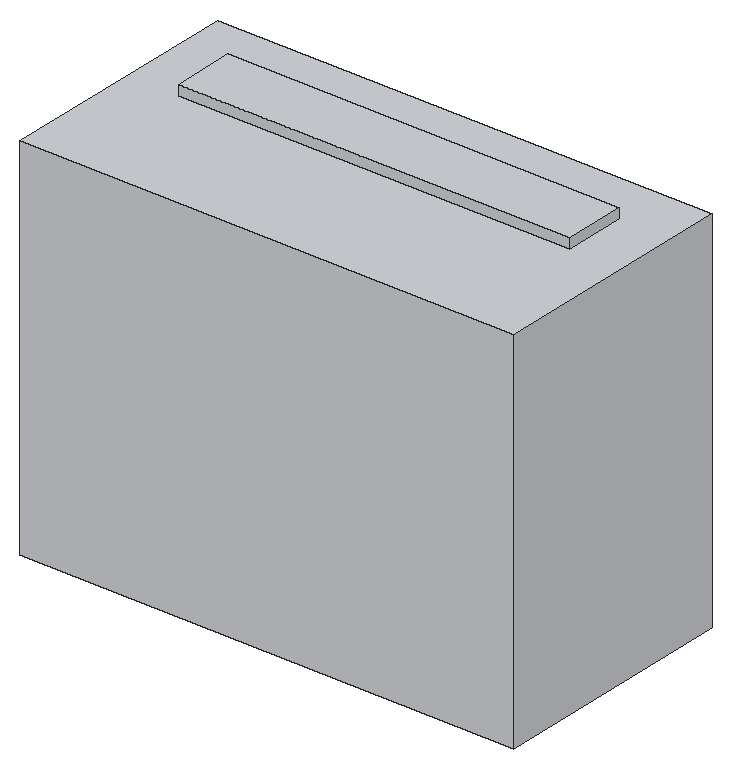
Revit family "dc2a1c9dcc944162b176a21bce0572ec", category Air Terminals, host Face, Revit 2021
Family settings
  Host = Face
  Round Connector Dimension = Use Diameter
  Part Type = Normal
  OmniClass Number = 23.40.40.14.21.11
  OmniClass Title = Food Service Hoods
  Seek Item ID = Grease Hood - Front Discharge - Compensating - Wall-0000-USA-ENU
  Cut with Voids When Loaded = No
  Shared = No
  Room Calculation Point = No
Parameters (values of type "Standard")
  Voltage = 120 V
  Supply Pressure Drop [instance] = 0.25 in-wg
  Supply Air Width [instance] = 18"
  Supply Air Height [instance] = 8"
  Supply Air Flow [instance] = 1250 CFM
  Number of Poles = 1
  Load Classification = Cooling
  Hood Width [instance] = 3' - 0"
  Hood Material = none
  Hood Length [instance] = 4' - 0"
  Hood Height [instance] = 2' - 0"
  Half Hood Width [instance] = 1 / 2 * Hood Width  # 1' - 6"
  Half Hood Length [instance] = 1 / 2 * Hood Length  # 2' - 0"
  Exhaust Pressure Drop [instance] = 0.55 in-wg
  Exhaust Air Width [instance] = 18"
  Exhaust Air Height [instance] = 8"
  Exhaust Air Flow [instance] = 50 FPM * Hood Width * Hood Length  # 600 CFM
  Default Elevation = 3' - 0"
  C2 Offset 2 [instance] = 1' - 3"
  C2 Offset 1 [instance] = 0' - 1"
  C1 Offset 2 [instance] = 1' - 3"
  C1 Offset 1 [instance] = 0' - 1 5/8"
  Apparent Load [instance] = 65.00 W/ft² * Hood Width * Hood Length  # 780 VA
Reference planes (in)
  plane 1 "Center (Front/Back)": y = 0
  plane 2: z = 0
  plane 3 "Center (Left/Right)": x = 0
  plane 4: x = -24
  plane 5: x = 24
  plane 6: y = -1
  plane 7: y = 24
  plane 8: y = 25
  plane 9: x = -19
  plane 10: x = 19
  plane 11: z = 36
  plane 12: z = 18
  plane 13: z = 35
  plane 14: z = 1.625
  plane 15: x = -9
  plane 16: x = -9
  plane 17: y = 19
  plane 18: y = 13
  plane 19: z = 37
  plane 20: x = -18
Forms (in)
  Extrusion 1, solid, material <- "Hood Material"
    sketch origin (0, 0, 0) x (1, 0, 0) y (0, 1, 0)
      loop
        line (-24, 24) -> (-24, 0) -> (24, 0) -> (24, 24) -> (-24, 24)
    from 0 to 36
  Extrusion 2, solid, material <- "Hood Material"
    sketch origin (0, 0, 0) x (1, 0, 0) y (0, 0, 1)
      loop
        line (9, 35) -> (-9, 35) -> (-9, 27) -> (9, 27) -> (9, 35)
      loop
        line (-9, 1.625) -> (9, 1.625) -> (9, 9.625) -> (-9, 9.625) -> (-9, 1.625)
    from -25 to -24
  Extrusion 3, solid, material <- "Hood Material"
    sketch origin (0, 0, 0) x (1, 0, 0) y (0, 1, 0)
      loop
        line (-19, 19) -> (-19, 13) -> (19, 13) -> (19, 19) -> (-19, 19)
    from 36 to 37
  Extrusion 4, solid, material <- "Hood Material"
    sketch origin (0, 0, 0) x (1, 0, 0) y (0, 0, 1)
      loop
        circle (-18, 18) r 2
    from -24 to 0
Cuts and joins
  joined: Extrusion 1, Extrusion 2, Extrusion 3, Extrusion 4
Dimensions and locks (in)
  equal spacing: plane 4, plane 3 "Center (Left/Right)", plane 5
  locked: plane 1 "Center (Front/Back)" to plane 6 at 1
  "Hood Height": plane 1 "Center (Front/Back)" to plane 7
  locked: plane 8 to plane 7 at 1
  locked: plane 4 to plane 9 at 5
  locked: plane 10 to plane 5 at 5
  equal spacing: plane 11, plane 12, plane 2
  "Hood Width": plane 11 to plane 2
  "C2 Offset 1": plane 13 to plane 11
  "C1 Offset 1": plane 2 to plane 14
  "C2 Offset 2": plane 4 to plane 15
  "C1 Offset 2": plane 4 to plane 16
  "Supply Air Width": Extrusion 2 sketch curve to Extrusion 2 sketch curve
  "Supply Air Height": Extrusion 2 sketch curve to Extrusion 2 sketch curve
  "Exhaust Air Width": Extrusion 2 sketch curve to Extrusion 2 sketch curve
  "Exhaust Air Height": Extrusion 2 sketch curve to Extrusion 2 sketch curve
  locked: plane 7 to plane 17 at 5
  locked: plane 17 to plane 18 at 6
  locked: plane 19 to plane 11 at 1
  "Half Hood Length": plane 4 to plane 3 "Center (Left/Right)"
  locked: plane 20 to plane 4 at 6
  radius of Extrusion 4 sketch curve = 0' - 2"
  aligned and locked: host face to plane 2
  aligned and locked: host face to level
  aligned and locked: plane 4 to Extrusion 1 sketch curve
  aligned and locked: Extrusion 1 sketch curve to plane 7
  aligned and locked: plane 1 "Center (Front/Back)" to Extrusion 1 sketch curve
  aligned and locked: Extrusion 1 sketch curve to plane 5
  aligned and locked: plane 11 to Extrusion 1
  aligned and locked: Extrusion 1 to plane 2
  aligned and locked: plane 13 to Extrusion 2 sketch curve
  aligned and locked: plane 15 to Extrusion 2 sketch curve
  aligned and locked: plane 14 to Extrusion 2 sketch curve
  aligned and locked: Extrusion 2 sketch curve to plane 16
  aligned and locked: plane 8 to Extrusion 2
  aligned and locked: Extrusion 2 to plane 7
  aligned and locked: plane 9 to Extrusion 3 sketch curve
  aligned and locked: Extrusion 3 sketch curve to plane 17
  aligned and locked: plane 18 to Extrusion 3 sketch curve
  aligned and locked: Extrusion 3 sketch curve to plane 10
  aligned and locked: plane 19 to Extrusion 3
  aligned and locked: Extrusion 3 to Extrusion 1
  aligned and locked: plane 12 to Extrusion 4 sketch curve
  aligned and locked: plane 20 to Extrusion 4 sketch curve
  aligned and locked: plane 7 to Extrusion 4
  aligned and locked: plane 1 "Center (Front/Back)" to Extrusion 4
Automatic sketch dimensions
  host sketch curve to host sketch curve = 17' - 2.95707"
  host sketch curve to host sketch curve = 14' - 3.71218"
Connectors (in)
  hvac at (0, 25, 5.625), driven by "Exhaust Pressure Drop", driven by "Exhaust Air Flow", driven by "Exhaust Air Height", driven by "Exhaust Air Width"
    settings: on Extrusion 2, index 1, duct flow 600 CFM, flow factor 0, pres drop 0.55 in-wg, loss coef 0, conn angle 0.00°, conn width 18", conn height 8", conn diameter 24", duct sys type 3, conn prof type 1, flow config 1, flow direction 2, loss method 4, conn ref index -1, conn util no, is conn primary yes, conn desc ""
  hvac at (0, 25, 31), driven by "Supply Pressure Drop", driven by "Supply Air Flow", driven by "Supply Air Height", driven by "Supply Air Width"
    settings: on Extrusion 2, index 2, duct flow 1250 CFM, flow factor 0, pres drop 0.25 in-wg, loss coef 0, conn angle 0.00°, conn width 18", conn height 8", conn diameter 24", duct sys type 1, conn prof type 1, flow config 1, flow direction 1, loss method 4, conn ref index -1, conn util no, is conn primary no, conn desc ""
  electrical at (-18, 24, 18), driven by "Apparent Load", driven by "Voltage", driven by "Number of Poles", driven by "Load Classification"
    settings: on Extrusion 4, index 3, voltage 120 V, apparent load 780 VA, apparent load phase1 0 VA, apparent load phase2 0 VA, apparent load phase3 0 VA, power factor 0.8, load classification "Cooling", number of poles 1, system type 30, power factor state 1, is connector primary yes, connector utility no, sub classification motor no, connector description ""
